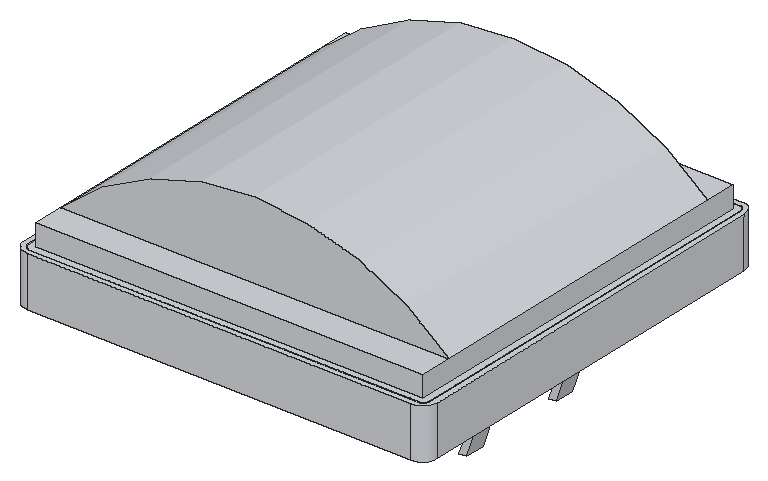
Revit family "Gira_537326", category Electrical Fixtures, host Face, Revit 2017
Family settings
  Host = Face
  Maintain Annotation Orientation = Yes
  Round Connector Dimension = Use Diameter
  Part Type = Normal
  Cut with Voids When Loaded = No
  Shared = No
  Room Calculation Point = No
Parameters (values of type "S3000 Beweg.m.aufs. 1,10 m Standard System 55 F Alu")
  Werkstoffgüte = "sonstige"
  Werkstoff = "sonstige"
  URL = "http://katalog.gira.de/de_DE/datenblatt.html?artikelnr=537326"
  Region = "DE"
  Name = "S3000 Beweg.m.aufs. 1,10 m Standard System 55 F Alu"
  Montagehöhe = "1,1 m"
  Montageart = "unter Putz"
  Manufacturer URL = "https://www.gira.de/"
  Keynote = "Bewegungsmelder_1,10m"
  HeinzeBIM = "https://bimportal.heinze.de/bim/s3000-beweg-m-aufs-1-10-m-standard-system-55-f-alu/be705af328c014445bbf4d2d224fa9833662dc45"
  Halogenfrei = "No"
  HAN = "537326"
  Geeignet für Schutzart (IP) = "IP22"
  GTIN = "4010337049715"
  Default Elevation = 1219.2 mm
  Data sheet (1) = "https://katalog.gira.de/de_DE/download.html?artikelnr=537326"
  Category = "Bewegungsmelder-Sensor"
  Available = "Yes"
  Ausführung = "Bewegungsmelder"
Reference planes
  plane 1 "Center (Front/Back)": y = 0
  plane 2: z = 0
  plane 3 "Center (Left/Right)": x = 0
Forms (mm)
  Extrusion 1, solid, detail levels fine
    sketch origin (0, 0, 0) x (1, 0, 0) y (0, 0, 1)
      loop
        line (-33.025, 12.126) -> (33.025, 12.126)
        arc (33.025, 12.126) -> (0, 25.3) -> (-33.025, 12.126) r 47.982
    from -27.6 to 27.6
  Extrusion 2, solid, detail levels fine
    sketch origin (0, 0, 0) x (1, 0, 0) y (0, 1, 0)
      loop
        line (33.025, 33.025) -> (-33.025, 33.025) -> (-33.025, -33.025) -> (33.025, -33.025) -> (33.025, 33.025)
    from 8.55 to 12.126
  Extrusion 3, solid, detail levels fine
    sketch origin (0, 0, 0) x (1, 0, 0) y (0, 1, 0)
      loop
        spline (-32.7, 35.2) -> (-33.027, 35.179) -> (-33.347, 35.115) -> (-33.657, 35.01) -> (-33.95, 34.865) -> (-34.222, 34.683) -> (-34.468, 34.468) -> (-34.683, 34.222) -> (-34.865, 33.95) -> (-35.01, 33.657) -> (-35.115, 33.347) -> (-35.179, 33.027) -> (-35.2, 32.7)
        line (-35.2, 32.7) -> (-35.2, -32.7)
        spline (-35.2, -32.7) -> (-35.179, -33.027) -> (-35.115, -33.347) -> (-35.01, -33.657) -> (-34.865, -33.95) -> (-34.683, -34.222) -> (-34.468, -34.468) -> (-34.222, -34.683) -> (-33.95, -34.865) -> (-33.657, -35.01) -> (-33.347, -35.115) -> (-33.027, -35.179) -> (-32.7, -35.2)
        line (-32.7, -35.2) -> (32.7, -35.2)
        spline (32.7, -35.2) -> (33.027, -35.179) -> (33.347, -35.115) -> (33.657, -35.01) -> (33.95, -34.865) -> (34.222, -34.683) -> (34.468, -34.468) -> (34.683, -34.222) -> (34.865, -33.95) -> (35.01, -33.657) -> (35.115, -33.347) -> (35.179, -33.027) -> (35.2, -32.7)
        line (35.2, -32.7) -> (35.2, 32.7)
        spline (35.2, 32.7) -> (35.179, 33.027) -> (35.115, 33.347) -> (35.01, 33.657) -> (34.865, 33.95) -> (34.683, 34.222) -> (34.468, 34.468) -> (34.222, 34.683) -> (33.95, 34.865) -> (33.657, 35.01) -> (33.347, 35.115) -> (33.027, 35.179) -> (32.7, 35.2)
        line (32.7, 35.2) -> (-32.7, 35.2)
      loop
        line (-34.2, 33.2) -> (-34.2, -33.2)
        spline (-34.2, -33.2) -> (-34.191, -33.331) -> (-34.166, -33.459) -> (-34.124, -33.583) -> (-34.066, -33.7) -> (-33.993, -33.809) -> (-33.907, -33.907) -> (-33.809, -33.993) -> (-33.7, -34.066) -> (-33.583, -34.124) -> (-33.459, -34.166) -> (-33.331, -34.191) -> (-33.2, -34.2)
        line (-33.2, -34.2) -> (33.2, -34.2)
        spline (33.2, -34.2) -> (33.331, -34.191) -> (33.459, -34.166) -> (33.583, -34.124) -> (33.7, -34.066) -> (33.809, -33.993) -> (33.907, -33.907) -> (33.993, -33.809) -> (34.066, -33.7) -> (34.124, -33.583) -> (34.166, -33.459) -> (34.191, -33.331) -> (34.2, -33.2)
        line (34.2, -33.2) -> (34.2, 33.2)
        spline (34.2, 33.2) -> (34.191, 33.331) -> (34.166, 33.459) -> (34.124, 33.583) -> (34.066, 33.7) -> (33.993, 33.809) -> (33.907, 33.907) -> (33.809, 33.993) -> (33.7, 34.066) -> (33.583, 34.124) -> (33.459, 34.166) -> (33.331, 34.191) -> (33.2, 34.2)
        line (33.2, 34.2) -> (-33.2, 34.2)
        spline (-33.2, 34.2) -> (-33.331, 34.191) -> (-33.459, 34.166) -> (-33.583, 34.124) -> (-33.7, 34.066) -> (-33.809, 33.993) -> (-33.907, 33.907) -> (-33.993, 33.809) -> (-34.066, 33.7) -> (-34.124, 33.583) -> (-34.166, 33.459) -> (-34.191, 33.331) -> (-34.2, 33.2)
    from 0 to 8.55
  Extrusion 4, solid, detail levels fine
    sketch origin (0, 0, 0) x (1, 0, 0) y (0, 1, 0)
      loop
        line (-34.2, 33.2) -> (-34.2, -33.2)
        spline (-34.2, -33.2) -> (-34.191, -33.331) -> (-34.166, -33.459) -> (-34.124, -33.583) -> (-34.066, -33.7) -> (-33.993, -33.809) -> (-33.907, -33.907) -> (-33.809, -33.993) -> (-33.7, -34.066) -> (-33.583, -34.124) -> (-33.459, -34.166) -> (-33.331, -34.191) -> (-33.2, -34.2)
        line (-33.2, -34.2) -> (33.2, -34.2)
        spline (33.2, -34.2) -> (33.331, -34.191) -> (33.459, -34.166) -> (33.583, -34.124) -> (33.7, -34.066) -> (33.809, -33.993) -> (33.907, -33.907) -> (33.993, -33.809) -> (34.066, -33.7) -> (34.124, -33.583) -> (34.166, -33.459) -> (34.191, -33.331) -> (34.2, -33.2)
        line (34.2, -33.2) -> (34.2, 33.2)
        spline (34.2, 33.2) -> (34.191, 33.331) -> (34.166, 33.459) -> (34.124, 33.583) -> (34.066, 33.7) -> (33.993, 33.809) -> (33.907, 33.907) -> (33.809, 33.993) -> (33.7, 34.066) -> (33.583, 34.124) -> (33.459, 34.166) -> (33.331, 34.191) -> (33.2, 34.2)
        line (33.2, 34.2) -> (-33.2, 34.2)
        spline (-33.2, 34.2) -> (-33.331, 34.191) -> (-33.459, 34.166) -> (-33.583, 34.124) -> (-33.7, 34.066) -> (-33.809, 33.993) -> (-33.907, 33.907) -> (-33.993, 33.809) -> (-34.066, 33.7) -> (-34.124, 33.583) -> (-34.166, 33.459) -> (-34.191, 33.331) -> (-34.2, 33.2)
    from 6.175 to 8.55
  Extrusion 5, solid, detail levels fine
    sketch origin (0, 0, 0) x (1, 0, 0) y (0, 1, 0)
      loop
        spline (-27.7, -27.1) -> (-27.696, -27.165) -> (-27.683, -27.229) -> (-27.662, -27.291) -> (-27.633, -27.35) -> (-27.597, -27.404) -> (-27.554, -27.454) -> (-27.504, -27.497) -> (-27.45, -27.533) -> (-27.391, -27.562) -> (-27.329, -27.583) -> (-27.265, -27.596) -> (-27.2, -27.6)
        line (-27.2, -27.6) -> (27.2, -27.6)
        spline (27.2, -27.6) -> (27.265, -27.596) -> (27.329, -27.583) -> (27.391, -27.562) -> (27.45, -27.533) -> (27.504, -27.497) -> (27.554, -27.454) -> (27.597, -27.404) -> (27.633, -27.35) -> (27.662, -27.291) -> (27.683, -27.229) -> (27.696, -27.165) -> (27.7, -27.1)
        line (27.7, -27.1) -> (27.7, 27.1)
        spline (27.7, 27.1) -> (27.696, 27.165) -> (27.683, 27.229) -> (27.662, 27.291) -> (27.633, 27.35) -> (27.597, 27.404) -> (27.554, 27.454) -> (27.504, 27.497) -> (27.45, 27.533) -> (27.391, 27.562) -> (27.329, 27.583) -> (27.265, 27.596) -> (27.2, 27.6)
        line (27.2, 27.6) -> (-27.2, 27.6)
        spline (-27.2, 27.6) -> (-27.265, 27.596) -> (-27.329, 27.583) -> (-27.391, 27.562) -> (-27.45, 27.533) -> (-27.504, 27.497) -> (-27.554, 27.454) -> (-27.597, 27.404) -> (-27.633, 27.35) -> (-27.662, 27.291) -> (-27.683, 27.229) -> (-27.696, 27.165) -> (-27.7, 27.1)
        line (-27.7, 27.1) -> (-27.7, -27.1)
      loop
        line (26.9, 26.8) -> (-26.9, 26.8) -> (-26.9, -26.8) -> (26.9, -26.8) -> (26.9, 26.8)
    from 0 to 6.175
  Extrusion 6, solid, detail levels fine
    sketch origin (0, 0, 0) x (1, 0, 0) y (0, 1, 0)
      loop
        line (-15.4, -23.928) -> (15.4, -23.928)
        arc (15.4, -23.928) -> (21.43, -21.43) -> (23.928, -15.4) r 8.528
        line (23.928, -15.4) -> (23.928, 15.4)
        arc (23.928, 15.4) -> (21.43, 21.43) -> (15.4, 23.928) r 8.528
        line (15.4, 23.928) -> (-15.4, 23.928)
        arc (-15.4, 23.928) -> (-21.43, 21.43) -> (-23.928, 15.4) r 8.528
        line (-23.928, 15.4) -> (-23.928, -15.4)
        arc (-23.928, -15.4) -> (-21.43, -21.43) -> (-15.4, -23.928) r 8.528
    from -0.985 to 1.6
  Extrusion 7, solid, detail levels fine
    sketch origin (0, 0, 0) x (1, 0, 0) y (0, 1, 0)
      loop
        line (-26.35, 18.301) -> (-26.35, -18.801)
        spline (-26.35, -18.801) -> (-26.286, -19.78) -> (-26.095, -20.742) -> (-25.779, -21.671) -> (-25.345, -22.551) -> (-24.8, -23.366) -> (-24.154, -24.104) -> (-23.416, -24.75) -> (-22.601, -25.295) -> (-21.721, -25.729) -> (-20.792, -26.045) -> (-19.83, -26.236) -> (-18.851, -26.3)
        line (-18.851, -26.3) -> (18.851, -26.3)
        spline (18.851, -26.3) -> (19.83, -26.236) -> (20.792, -26.045) -> (21.721, -25.729) -> (22.601, -25.295) -> (23.416, -24.75) -> (24.154, -24.104) -> (24.8, -23.366) -> (25.345, -22.551) -> (25.779, -21.671) -> (26.094, -20.742) -> (26.286, -19.78) -> (26.35, -18.801)
        line (26.35, -18.801) -> (26.35, 18.301)
        spline (26.35, 18.301) -> (26.286, 19.28) -> (26.094, 20.242) -> (25.779, 21.171) -> (25.345, 22.051) -> (24.8, 22.866) -> (24.154, 23.604) -> (23.416, 24.25) -> (22.601, 24.795) -> (21.721, 25.229) -> (20.792, 25.545) -> (19.83, 25.736) -> (18.851, 25.8)
        line (18.851, 25.8) -> (-18.851, 25.8)
        spline (-18.851, 25.8) -> (-19.83, 25.736) -> (-20.792, 25.545) -> (-21.721, 25.229) -> (-22.601, 24.795) -> (-23.416, 24.25) -> (-24.154, 23.604) -> (-24.8, 22.866) -> (-25.345, 22.051) -> (-25.779, 21.171) -> (-26.095, 20.242) -> (-26.286, 19.28) -> (-26.35, 18.301)
    from 1.6 to 6.1
  Extrusion 8, solid, detail levels fine
    sketch origin (0, 0, 0) x (1, 0, 0) y (0, 0, 1)
      loop
        line (-23.048, -13.343) -> (-21.665, -13.513) -> (-24.338, -6.363) -> (-23.36, 1.6) -> (-25.023, 1.6) -> (-24.975, -1.121) -> (-25.39, -6.541) -> (-23.048, -13.343)
      loop
        line (23.048, -13.343) -> (25.39, -6.541) -> (24.975, -1.121) -> (25.023, 1.6) -> (23.36, 1.6) -> (24.338, -6.363) -> (21.665, -13.513) -> (23.048, -13.343)
    from 7.9 to 11.14
  Extrusion 9, solid, detail levels fine
    sketch origin (0, 0, 0) x (1, 0, 0) y (0, 0, -1)
      loop
        line (-23.048, 13.343) -> (-25.39, 6.541) -> (-24.975, 1.121) -> (-25.023, -1.6) -> (-23.36, -1.6) -> (-24.338, 6.363) -> (-21.665, 13.513) -> (-23.048, 13.343)
      loop
        line (23.048, 13.343) -> (21.665, 13.513) -> (24.338, 6.363) -> (23.36, -1.6) -> (25.023, -1.6) -> (24.975, 1.121) -> (25.39, 6.541) -> (23.048, 13.343)
    from 7.9 to 11.14
  Extrusion 10, solid, detail levels fine
    sketch origin (0, 0, 0) x (1, 0, 0) y (0, 1, 0)
      loop
        line (-5.141, 20.681) -> (-5.141, 15.099)
        spline (-5.141, 15.099) -> (-5.133, 14.968) -> (-5.107, 14.84) -> (-5.065, 14.716) -> (-5.007, 14.599) -> (-4.935, 14.49) -> (-4.849, 14.391) -> (-4.75, 14.305) -> (-4.641, 14.233) -> (-4.524, 14.175) -> (-4.4, 14.133) -> (-4.272, 14.107) -> (-4.141, 14.099)
        line (-4.141, 14.099) -> (4.141, 14.099)
        spline (4.141, 14.099) -> (4.272, 14.107) -> (4.4, 14.133) -> (4.524, 14.175) -> (4.641, 14.233) -> (4.75, 14.305) -> (4.849, 14.391) -> (4.935, 14.49) -> (5.007, 14.599) -> (5.065, 14.716) -> (5.107, 14.84) -> (5.133, 14.968) -> (5.141, 15.099)
        line (5.141, 15.099) -> (5.141, 20.681)
        spline (5.141, 20.681) -> (5.133, 20.812) -> (5.107, 20.94) -> (5.065, 21.064) -> (5.007, 21.181) -> (4.935, 21.29) -> (4.849, 21.389) -> (4.75, 21.475) -> (4.641, 21.547) -> (4.524, 21.605) -> (4.4, 21.647) -> (4.272, 21.673) -> (4.141, 21.681)
        line (4.141, 21.681) -> (-4.141, 21.681)
        spline (-4.141, 21.681) -> (-4.272, 21.673) -> (-4.4, 21.647) -> (-4.524, 21.605) -> (-4.641, 21.547) -> (-4.75, 21.475) -> (-4.849, 21.389) -> (-4.935, 21.29) -> (-5.007, 21.181) -> (-5.065, 21.064) -> (-5.107, 20.94) -> (-5.133, 20.812) -> (-5.141, 20.681)
    from -17.3 to -0.985
  Extrusion 11, solid, detail levels medium
    sketch origin (0, 0, 0) x (1, 0, 0) y (0, 1, 0)
      loop
        line (33.025, 33.025) -> (-33.025, 33.025) -> (-33.025, -33.025) -> (33.025, -33.025) -> (33.025, 33.025)
    from 8.55 to 25.3
  Extrusion 12, solid, detail levels medium
    sketch origin (0, 0, 0) x (1, 0, 0) y (0, 1, 0)
      loop
        line (-35.2, 35.2) -> (-35.2, -35.2) -> (35.2, -35.2) -> (35.2, 35.2) -> (-35.2, 35.2)
    from 0 to 8.55
  Extrusion 13, solid, detail levels medium
    sketch origin (0, 0, 0) x (1, 0, 0) y (0, 0, 1)
      loop
        line (-25.023, 1.6) -> (-25.023, -13.1) -> (-21.665, -13.513) -> (-21.665, 1.6) -> (-25.023, 1.6)
      loop
        line (25.023, 1.6) -> (21.665, 1.6) -> (21.665, -13.513) -> (25.023, -13.1) -> (25.023, 1.6)
    from 8 to 11.14
  Extrusion 14, solid, detail levels medium
    sketch origin (0, 0, 0) x (1, 0, 0) y (0, 0, -1)
      loop
        line (-25.023, -1.6) -> (-21.665, -1.6) -> (-21.665, 13.513) -> (-25.023, 13.1) -> (-25.023, -1.6)
      loop
        line (25.023, -1.6) -> (25.023, 13.1) -> (21.665, 13.513) -> (21.665, -1.6) -> (25.023, -1.6)
    from 8 to 11.14
  Extrusion 15, solid, detail levels medium
    sketch origin (0, 0, 0) x (1, 0, 0) y (0, 1, 0)
      loop
        line (-5.141, 21.681) -> (-5.141, 14.099) -> (5.141, 14.099) -> (5.141, 21.681) -> (-5.141, 21.681)
    from -17.3 to -0.985
  Extrusion 16, solid, detail levels coarse
    sketch origin (0, 0, 0) x (1, 0, 0) y (0, 1, 0)
      loop
        line (-35.2, 35.2) -> (-35.2, -35.2) -> (35.2, -35.2) -> (35.2, 35.2) -> (-35.2, 35.2)
    from -17.3 to 25.3
Dimensions and locks
  aligned and locked: plane 2 to host face
  aligned and locked: level to host face
  aligned and locked: nested 1 to plane 3 "Center (Left/Right)"
  aligned and locked: plane 1 "Center (Front/Back)" to nested 1
Nested families
  nested 1: "Belegungssensor - Bewegung - Aufputz - Beschriftung" at (0, 0, 0) x (0, -1, 0) z (0, 0, 1), type "Belegungssensor - Bewegung - Aufputz - Beschriftung"
Connectors
  electrical at (0, 0, -17.3)
    settings: on Extrusion 16, index 1, voltage 220 V, apparent load 0 VA, apparent load phase1 0 VA, apparent load phase2 0 VA, apparent load phase3 0 VA, power factor 1, load classification "Other", number of poles 1, system type 30, power factor state 1, is connector primary yes, connector utility no, sub classification motor no, connector description ""
Definition of nested family "Belegungssensor - Bewegung - Aufputz - Beschriftung"
  Reference planes
    plane 1: y = 0
    plane 2: x = 0
  Lines and regions (mm)
    Filled region 1, type "Gefüllter Bereich 1"
      outline origin (143.425, -20.712, 0) x (1, 0, 0) y (0, 1, 0)
        loop
          line (-148.697, 21.204) -> (-148.697, 20.409) -> (-147.583, 20.807) -> (-148.697, 21.204)
    Filled region 2, type "Gefüllter Bereich 1"
      outline origin (141.808, 30.001, 0) x (0.939693, 0.34202, 0) y (-0.34202, 0.939693, 0)
        loop
          line (-148.694, 21.203) -> (-148.694, 20.41) -> (-147.583, 20.807) -> (-148.694, 21.203)
    Filled region 3, type "Gefüllter Bereich 1"
      outline origin (141.819, -29.825, 0) x (-0.34202, -0.939693, 0) y (0.939693, -0.34202, 0)
        loop
          line (21.204, -148.697) -> (20.807, -147.583) -> (20.409, -148.697) -> (21.204, -148.697)
    detail lines
      curve 1: line (-1.207, 0.095, 0) -> (-3.486, 1.411, 0)
      curve 2: line (-1.207, 0.095, 0) -> (-3.486, -1.221, 0)
      curve 5: arc (-3.252, 1.752, 0) -> (-3.839, 0.095, 0) -> (-3.252, -1.562, 0) r 2.632
      curve 6: line (-6, 3, 0) -> (0, 3, 0)
      curve 7: line (-6, -3, 0) -> (-6, 3, 0)
      curve 8: line (0, -3, 0) -> (-6, -3, 0)
      curve 9: line (0, 3, 0) -> (0, -3, 0)
    reference lines
      curve 3: line (-1.207, 0.095, 0) -> (-3.616, 2.046, 0)
      curve 4: line (-1.207, 0.095, 0) -> (-3.616, -1.856, 0)
  Dimensions and locks
    curve 1 to curve 1 = 2.632 mm
    curve 2 to curve 2 = 2.632 mm
    curve 6 to curve 8 = 6 mm
    curve 7 to curve 9 = 6 mm
    angle curve 1 to curve 2 = 60.00°
    aligned and locked: curve 6 to curve 7
    aligned and locked: curve 9 to curve 9
